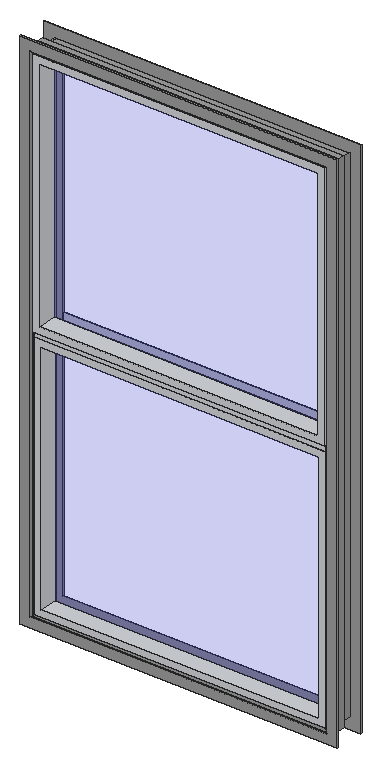
Revit family "3350_Fixed Single Horizontal Rail", category Windows, host Wall, Revit 2023
Family settings
  Host = Wall
  OmniClass Number = 23.30.20.00
  OmniClass Title = Windows
  Always vertical = Yes
  Cut with Voids When Loaded = No
  Shared = No
  Room Calculation Point = No
Parameters
  Height = 5' - 0"
  Glazing Material = Glass
  Frame Material = Default
  Depth From Exterior = 0' - 1"
  Default Sill Height = 3' - 0"
  Wall Closure = By host
  Width = 3' - 0"
  Bottom Bay Height (Rail Location) = 2' - 2 3/4"
Reference planes (in)
  plane 1 "Center (Front/Back)": y = 0
  plane 2: z = 0
  plane 3 "Center (Left/Right)": x = 0
  plane 4 "Left": x = -18
  plane 5 "Right": x = 18
  plane 6 "Sill": z = 36
  plane 7 "Top": z = 96
  plane 8: y = 3
  plane 9: y = 2
  plane 10: y = 0.62401
  plane 11: z = 67.09903
  plane 12: z = 66.31863
  plane 13: z = 64.90984
  plane 14: z = 65.69109
  plane 15: y = 2
  plane 16: y = 1.875
  plane 17: y = 1.875
  plane 18: y = -1.31729
  plane 19: z = 38.15984
  plane 20: y = 0.778
  plane 21: y = -1.32535
  plane 22: y = 0.62401
  plane 23: y = -1.47935
Forms (in)
  Sweep 1, solid, material "Default" <- "Frame Material"
    path origin (0, 0, 0) x (1, 0, 0) y (0, 0, 1)
      loop
        line (-18, 36) -> (18, 36) -> (18, 96) -> (-18, 96) -> (-18, 36)
    profile origin (0, 0, 36) x (0, 0, 1) y (0, -1, 0)
      loop
        line (0, -2) -> (2.15984, -2) -> (2.15984, -1.875) -> (1.37524, -1.875) -> (1.37524, 1.32535) -> (1.125, 1.32535) -> (1.125, 1.50499) -> (0, 1.50499) -> (0, 1.37999) -> (1.00415, 1.37999) -> (1.00415, 1.20035) -> (1.25024, 1.20035) -> (1.25024, 0.10249) -> (0.87975, 0.10249) -> (0.87975, -0.65951) -> (1.25024, -0.65951) -> (1.25024, -1.875) -> (0, -1.875) -> (0, -2)
  Sweep 2, solid, material "Glass" <- "Glazing Material"
    path origin (0, 0, 36) x (0, -1, 0) y (1, 0, 0)
      loop
        line (-1.875, -16.62476) -> (-1.875, 16.62476)
    profile origin (0, 1.875, 36) x (0, 1, 0) y (0, 0, 1)
      loop
        line (0, 1.37524) -> (0, 58.62476) -> (-1, 58.62476) -> (-1, 1.37524) -> (0, 1.37524)
  Sweep 3, solid
    path origin (0, 0, 0) x (1, 0, 0) y (0, 0, 1)
      loop
        line (15.84016, 64.90984) -> (-15.84016, 64.90984)
    profile origin (0, 0, 64.90984) x (0, 0, -1) y (0, -1, 0)
      loop
        line (-2.18918, -2) -> (0, -2) -> (0, -1.875) -> (-2.18918, -1.875) -> (-2.18918, -2)
  Sweep 4, solid
    path origin (0, 0, 0) x (1, 0, 0) y (0, 0, 1)
      loop
        line (-16.62476, 63.64223) -> (16.62476, 63.64223)
    profile origin (0, 0, 63.64223) x (0, 0, 1) y (0, -1, 0)
      loop
        line (2.6764, -1.875) -> (2.6764, 1.31729) -> (2.04886, 1.31729) -> (2.04886, -1.875) -> (2.6764, -1.875)
  Sweep 5, solid
    path origin (0, 0, 0) x (1, 0, 0) y (0, 0, 1)
      loop
        line (-16.62476, 37.37524) -> (16.62476, 37.37524) -> (16.62476, 65.69109) -> (-16.62476, 65.69109) -> (-16.62476, 37.37524)
    profile origin (0, 0, 37.37524) x (0, 0, 1) y (0, -1, 0)
      loop
        line (0.78124, 1.32535) -> (0, 1.32535) -> (0, -0.778) -> (0.78124, -0.778) -> (0.78124, 1.32535)
  Sweep 6, solid
    path origin (0, 0, 0) x (1, 0, 0) y (0, 0, 1)
      loop
        line (-16.62476, 66.31863) -> (16.62476, 66.31863) -> (16.62476, 94.62476) -> (-16.62476, 94.62476) -> (-16.62476, 66.31863)
    profile origin (0, 0, 66.31863) x (0, 0, 1) y (0, -1, 0)
      loop
        line (0.78124, 1.47935) -> (0, 1.47935) -> (0, -0.62401) -> (0.78124, -0.62401) -> (0.78124, 1.47935)
Lines and regions (in)
  Opening 1
    outline origin (-60, -3, 0) x (1, 0, 0) y (0, 0, 1)
      loop
        line (42, 96) -> (42, 36) -> (78, 36) -> (78, 96) -> (42, 96)
Text (in)
  text "EXTERIOR" at (-58.6888, 50.90694, 0), in view "Ref. Level"
  text "INTERIOR" at (-58.6888, -37.76638, 0), in view "Ref. Level"
  text "Exterior" at (0, 43.65631, 123.19604), in view "Left"
  text "Exterior" at (0, 18.29385, 125.04747), in view "Right"
Dimensions and locks (in)
  equal spacing: plane 4 "Left", plane 3 "Center (Left/Right)", plane 5 "Right"
  plane 4 "Left" to plane 5 "Right" = 3' - 0"
  locked: plane 8 to plane 1 "Center (Front/Back)" at 3
  "Depth From Exterior": plane 8 to plane 9
  locked: plane 9 to plane 10 at 1.37599
  "Height": plane 6 "Sill" to plane 7 "Top"
  "Default Sill Height": plane 2 to plane 6 "Sill"
  "Width": plane 4 "Left" to plane 5 "Right"
  locked: plane 15 to plane 16 at 0.125
  locked: plane 17 to plane 18 at 3.19229
  locked: plane 12 to plane 14 at 0.62754
  locked: plane 11 to plane 13 at 2.18918
  locked: plane 14 to plane 13 at 0.78125
  locked: plane 6 "Sill" to plane 19 at 2.15984
  "Bottom Bay Height (Rail Location)": plane 19 to plane 13
  locked: plane 20 to plane 21 at 2.10335
  locked: plane 9 to plane 20 at 1.222
  locked: plane 22 to plane 23 at 2.10335
  aligned and locked: plane 7 "Top" to Opening 1 sketch curve
  aligned and locked: plane 6 "Sill" to Opening 1 sketch curve  (x2)
  aligned and locked: plane 5 "Right" to Opening 1 sketch curve
  aligned and locked: plane 4 "Left" to Opening 1 sketch curve
  aligned and locked: level to plane 2
  aligned and locked: plane 6 "Sill" to Sweep 1 sketch curve
  aligned and locked: plane 4 "Left" to Sweep 1 sketch curve
  aligned and locked: Sweep 1 sketch curve to plane 7 "Top"
  aligned and locked: Sweep 1 sketch curve to plane 5 "Right"
  aligned and locked: Sweep 1 to plane 9
  aligned and locked: Sweep 2 sketch curve to Sweep 1  (x5)
  aligned and locked: Sweep 1 to Sweep 3 sketch curve  (x2)
  aligned and locked: Sweep 1 to Sweep 4 sketch curve  (x2)
  aligned and locked: plane 15 to Sweep 3
  aligned and locked: plane 16 to Sweep 3
  aligned and locked: plane 17 to Sweep 4
  aligned and locked: plane 18 to Sweep 4
  aligned and locked: plane 11 to Sweep 3
  aligned and locked: plane 12 to Sweep 4
  aligned and locked: plane 13 to Sweep 3
  aligned and locked: plane 14 to Sweep 4
  aligned and locked: plane 16 to plane 17
  aligned and locked: plane 9 to plane 15
  aligned and locked: plane 19 to Sweep 1
  aligned and locked: Sweep 5 sketch curve to Sweep 1  (x3)
  aligned and locked: Sweep 5 sketch curve to Sweep 4
  aligned and locked: plane 20 to Sweep 5
  aligned and locked: plane 21 to Sweep 5
  aligned and locked: plane 21 to Sweep 1
  aligned and locked: Sweep 6 sketch curve to Sweep 1  (x3)
  aligned and locked: Sweep 6 sketch curve to Sweep 4
  aligned and locked: plane 22 to Sweep 6
  aligned and locked: plane 23 to Sweep 6
  aligned and locked: plane 22 to plane 10
Automatic sketch dimensions
  Sweep 1 sketch curve to profile plane = 0' - 0"
  Sweep 1 sketch curve to Sweep 1 sketch curve = 0' - 0"
  Sweep 1 sketch curve to Sweep 1 sketch curve = 0' - 0.87975"
  Sweep 1 sketch curve to Sweep 1 sketch curve = 0' - 1.00415"
  Sweep 1 sketch curve to Sweep 1 sketch curve = 0' - 0.12085"
  Sweep 1 sketch curve to Sweep 1 sketch curve = 0' - 1.25024"
  Sweep 1 sketch curve to Sweep 1 sketch curve = 0' - 0.12524"
  Sweep 1 sketch curve to Sweep 1 sketch curve = 0' - 0 1/8"  (x5)
  Sweep 1 sketch curve to Sweep 1 sketch curve = 0' - 0.7846"
  Sweep 1 sketch curve to plane 1 "Center (Front/Back)" = 0' - 2"
  Sweep 1 sketch curve to Sweep 1 sketch curve = 0' - 1.21549"
  Sweep 1 sketch curve to Sweep 1 sketch curve = 0' - 1.85986"
  Sweep 1 sketch curve to Sweep 1 sketch curve = 0' - 0.05464"
  Sweep 1 sketch curve to Sweep 1 sketch curve = 0' - 0.762"
  Sweep 2 sketch curve to profile plane = 0' - 0"
  profile plane to Sweep 2 sketch curve = 0' - 1"
  plane 7 "Top" to Sweep 3 sketch curve = 2' - 7.09016"
  profile plane to Sweep 3 sketch curve = 0' - 2.18918"
  Sweep 3 sketch curve to Sweep 3 sketch curve = 0' - 2.18918"
  Sweep 3 sketch curve to plane 1 "Center (Front/Back)" = 0' - 2"
  Sweep 3 sketch curve to Sweep 3 sketch curve = 0' - 0 1/8"
  Sweep 4 sketch curve to plane 6 "Sill" = 2' - 3.64223"
  Sweep 4 sketch curve to profile plane = 0' - 2.04886"
  Sweep 4 sketch curve to plane 1 "Center (Front/Back)" = 0' - 1 7/8"
  Sweep 4 sketch curve to Sweep 4 sketch curve = 0' - 3.19229"
  Sweep 4 sketch curve to Sweep 4 sketch curve = 0' - 0.62754"
  Sweep 5 sketch curve to profile plane = 0' - 0"
  Sweep 5 sketch curve to Sweep 5 sketch curve = 0' - 0 25/32"
  Sweep 5 sketch curve to plane 1 "Center (Front/Back)" = 0' - 0.778"
  Sweep 5 sketch curve to Sweep 5 sketch curve = 0' - 2.10335"
  profile plane to Sweep 6 sketch curve = 0' - 0"
  Sweep 6 sketch curve to Sweep 6 sketch curve = 0' - 0 25/32"
  Sweep 6 sketch curve to plane 1 "Center (Front/Back)" = 0' - 0.62401"
  Sweep 6 sketch curve to Sweep 6 sketch curve = 0' - 2.10335"
